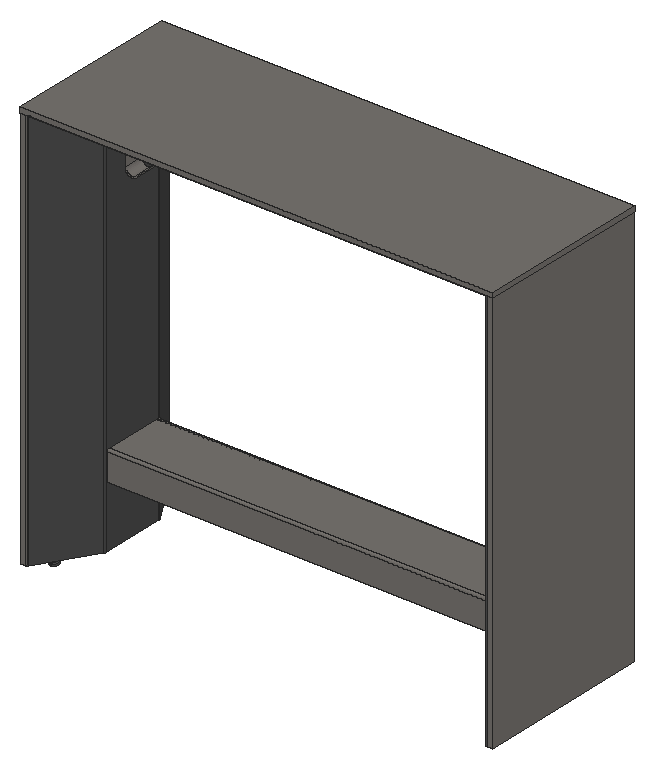
Revit family "revitupgrade", category Furniture, Revit 2020
Family settings
  Work Plane-Based = No
  Always vertical = Yes
  Cut with Voids When Loaded = No
  Shared = No
  Room Calculation Point = No
Parameters (values of type "48W")
  Width = 48.00"
  URL = "https://www.steelcase.com"
  Top [instance] = Steelcase - 25L6 Blackwood LPL
  Symbol Name = "TS4TPSTS48A,TS4TPSTS48A2,TS4TPSTS48A3"
  Style Number(s) = "TS4TPSTS48"
  Release Date = "April 2018"  # constant formula
  Receptacle = Steelcase - 6249 Platinum Solid
  Product Line = "Turnstone"  # constant formula
  Product = "Campfire"  # constant formula
  Power Cord = Steelcase - 6205 Black
  Opaque [instance] = yes
  Manufacturer = "Steelcase"  # constant formula
  Frame [instance] = Steelcase - 25L6 Blackwood LPL
  Description = ""
  Default Elevation = 0.00"
  Copyright = "© 2010 Steelcase Inc."  # constant formula
  AutoCAD Tag = "48"
  Authoring Version = "Revit 2016"  # constant formula
  Assembly Code = "E2020200"
Types (2): name | Width | Symbol Name | Style Number(s) | AutoCAD Tag
  60W | 60.00" | "TS4TPSTS60A5,TS4TPSTS60A6,TS4TPSTS60A4" | "TS4TPSTS60" | "60"
  48W | 48.00" | "TS4TPSTS48A,TS4TPSTS48A2,TS4TPSTS48A3" | "TS4TPSTS48" | "48"
Reference planes (in)
  plane 1 "Center Front/Back": y = 0
  plane 2 "Bottom": z = 0
  plane 3 "Center Left/Right": x = 0
  plane 4: x = 48
  plane 5: z = 0.3189
  plane 6: y = -0.0395
  plane 7: y = -17.96063
  plane 8: y = -17.99999
  plane 9: x = 0.07855
  plane 10: x = 47.92143
  plane 11: x = 47.40648
  plane 12: x = 0.59351
  plane 13: x = 0.77099
  plane 14: through (0, -14.08785, 38.93183) normal (0, -0.5323, -0.8465)
  plane 15: through (0, -0.97067, 40.78146) normal (0, -0.5323, 0.8465)
  plane 16: y = -9
  plane 17: x = 4.22243
  plane 18: x = 43.77769
  plane 19: x = 24
Forms (in)
  Extrusion 1, solid, material "Steelcase - 25L6 Blackwood LPL" <- "Top"
    sketch origin (0, 0, 0) x (1, 0, 0) y (0, 1, 0)
      loop
        line (0, -0.0395) -> (0, -17.99999) -> (48, -17.99999) -> (48, -0.0395) -> (0, -0.0395)
    from 41.46425 to 41.97725
  Extrusion 2, solid, material "Steelcase - 25L6 Blackwood LPL" <- "Frame"
    sketch origin (0, 0, 0) x (1, 0, 0) y (0, 0, 1)
      loop
        line (0.07855, 41.46425) -> (0.07855, 0.49497) -> (0.59351, 0.49497) -> (0.59351, 41.46425) -> (0.07855, 41.46425)
      loop
        line (47.40648, 41.46425) -> (47.40648, 0.49497) -> (47.92143, 0.49497) -> (47.92143, 41.46425) -> (47.40648, 41.46425)
    from 0.0395 to 17.96063
  Extrusion 3, solid, material "Steelcase - 6205 Black" <- "Power Cord"
    sketch origin (66, 0, 0) x (-1, 0, 0) y (0, -1, 0)
      loop
        line (18.59352, 17.82528) -> (18.59352, 0.17703)
        arc (18.59352, 0.17703) -> (18.67384, 0.06783) -> (18.80201, 0.11197) r 0.11439
        line (18.80201, 0.11197) -> (22.1626, 5.49014)
        arc (22.1626, 5.49014) -> (22.20708, 5.59007) -> (22.22231, 5.69838) r 0.39298
        line (22.22231, 5.69838) -> (22.22231, 12.29793)
        arc (22.22231, 12.29793) -> (22.20659, 12.40978) -> (22.16065, 12.51296) r 0.40578
        line (22.16065, 12.51296) -> (18.79981, 17.89153)
        arc (18.79981, 17.89153) -> (18.67251, 17.93361) -> (18.59352, 17.82528) r 0.11378
    from 0.49497 to 41.46425
  Extrusion 4, solid, material "Steelcase - 6205 Black" <- "Power Cord"
    sketch origin (0, 0, 0) x (0, 1, 0) y (0, 0, 1)
      loop
        line (-5.46283, 37.95673) -> (-0.24075, 41.24044)
        arc (-0.24075, 41.24044) -> (-0.18881, 41.37662) -> (-0.30527, 41.46425) r 0.1212
        line (-0.30527, 41.46425) -> (-17.6872, 41.46425)
        arc (-17.6872, 41.46425) -> (-17.80574, 41.37505) -> (-17.75287, 41.23644) r 0.12337
        line (-17.75287, 41.23644) -> (-12.53716, 37.95673)
        arc (-12.53716, 37.95673) -> (-12.4095, 37.89956) -> (-12.271, 37.88) r 0.5
        line (-12.271, 37.88) -> (-5.72899, 37.88)
        arc (-5.72899, 37.88) -> (-5.59049, 37.89956) -> (-5.46283, 37.95673) r 0.5
    from 0.59351 to 47.40648
  Extrusion 5, solid, material "Steelcase - 25L6 Blackwood LPL" <- "Frame"
    sketch origin (0, 0, 0) x (0, 1, 0) y (0, 0, 1)
      loop
        arc (-5.93237, 9.74631) -> (-5.83589, 9.70634) -> (-5.79592, 9.60986) r 0.13645
        line (-5.79592, 9.60986) -> (-5.79592, 6.84929) -> (-5.69293, 6.84929) -> (-5.69293, 9.61591)
        arc (-5.69293, 9.61591) -> (-5.76128, 9.78094) -> (-5.92631, 9.84929) r 0.23339
        line (-5.92631, 9.84929) -> (-12.07776, 9.84929)
        arc (-12.07776, 9.84929) -> (-12.23993, 9.78212) -> (-12.30711, 9.61995) r 0.22935
        line (-12.30711, 9.61995) -> (-12.30711, 6.85081) -> (-12.20411, 6.85081) -> (-12.20411, 9.61509)
        arc (-12.20411, 9.61509) -> (-12.16568, 9.70788) -> (-12.07289, 9.74631) r 0.13122
        line (-12.07289, 9.74631) -> (-5.93237, 9.74631)
    from 4.22243 to 43.77769
  Extrusion 6, solid, material "Steelcase - 6205 Black" <- "Power Cord"
    sketch origin (-6, 0, 0) x (1, 0, 0) y (0, 1, 0)
      loop
        arc (6.59351, -17.82528) -> (6.67255, -17.93363) -> (6.79986, -17.89144) r 0.11378
        line (6.79986, -17.89144) -> (10.16077, -12.51277)
        arc (10.16077, -12.51277) -> (10.20671, -12.40959) -> (10.22243, -12.29774) r 0.40578
        line (10.22243, -12.29774) -> (10.22243, -5.69857)
        arc (10.22243, -5.69857) -> (10.2072, -5.59026) -> (10.16271, -5.49033) r 0.39298
        line (10.16271, -5.49033) -> (6.80208, -0.11209)
        arc (6.80208, -0.11209) -> (6.6739, -0.06781) -> (6.59351, -0.17703) r 0.11439
        line (6.59351, -0.17703) -> (6.59351, -17.82528)
    from 0.49497 to 41.46425
  Extrusion 7, solid, material "Steelcase - 25L6 Blackwood LPL" <- "Frame"
    sketch origin (0, 0, 0) x (1, 0, 0) y (0, 0, 1)
      loop
        line (4.2975, 36.63669) -> (4.22243, 36.63669) -> (4.22243, 34.55698)
        arc (4.22243, 34.55698) -> (4.69147, 33.86159) -> (5.51193, 34.03598) r 0.75
        line (5.51193, 34.03598) -> (6.62404, 35.1876) -> (6.57224, 35.23939) -> (5.4602, 34.08784)
        arc (5.4602, 34.08784) -> (4.72042, 33.93059) -> (4.2975, 34.5576) r 0.67625
        line (4.2975, 34.5576) -> (4.2975, 36.63669)
    from 7.99996 to 9.99998
  Extrusion 8, solid, material "Steelcase - 25L6 Blackwood LPL" <- "Frame"
    sketch origin (48, 0, 0) x (-1, 0, 0) y (0, 0, -1)
      loop
        line (4.2975, -36.63669) -> (4.2975, -34.5576)
        arc (4.2975, -34.5576) -> (4.72042, -33.93059) -> (5.4602, -34.08784) r 0.67625
        line (5.4602, -34.08784) -> (6.57224, -35.23939) -> (6.62404, -35.1876) -> (5.51181, -34.03586)
        arc (5.51181, -34.03586) -> (4.69135, -33.86146) -> (4.22231, -34.55685) r 0.75
        line (4.22231, -34.55685) -> (4.22231, -36.63669) -> (4.2975, -36.63669)
    from 7.99996 to 9.99998
  Extrusion 9, void
    sketch origin (-0.15625, 0, 0) x (1, 0, 0) y (0, 1, 0)
      loop
        line (5.26271, -7.97571) -> (6.26611, -8.10659)
        arc (6.26611, -8.10659) -> (6.44211, -8.20789) -> (6.53029, -8.39082) r 0.34391
        line (6.53029, -8.39082) -> (6.53029, -9.60918)
        arc (6.53029, -9.60918) -> (6.43486, -9.79968) -> (6.24552, -9.89741) r 0.34391
        line (6.24552, -9.89741) -> (5.05829, -10.02138) -> (5.05829, -10.24996) -> (7.2102, -10.24996) -> (7.2102, -7.49996) -> (5.26271, -7.49996) -> (5.26271, -7.97571)
    from 20.31768 to 36.63669
  Extrusion 10, void
    sketch origin (48.15625, 0, 0) x (-1, 0, 0) y (0, -1, 0)
      loop
        line (5.26271, 7.97571) -> (5.26271, 7.49996) -> (7.2102, 7.49996) -> (7.2102, 10.24996) -> (5.05829, 10.24996) -> (5.05829, 10.02138) -> (6.24552, 9.89741)
        arc (6.24552, 9.89741) -> (6.43486, 9.79968) -> (6.53029, 9.60918) r 0.34391
        line (6.53029, 9.60918) -> (6.53029, 8.39082)
        arc (6.53029, 8.39082) -> (6.44211, 8.20789) -> (6.26611, 8.10659) r 0.34391
        line (6.26611, 8.10659) -> (5.26271, 7.97571)
    from 20.31768 to 36.63669
  Extrusion 11, solid, material "Steelcase - 6249 Platinum Solid" <- "Receptacle"
    sketch origin (0, -14.08785, 38.93183) x (0, -0.846544, 0.532319) y (-1, 0, 0)
      loop
        line (1.84584, -22.42039) -> (0.0962, -22.42039) -> (0.0962, -25.56436) -> (1.84584, -25.56436) -> (1.84584, -22.42039)
    from 0 to 0.06421
  Extrusion 12, solid, material "Steelcase - 6249 Platinum Solid" <- "Receptacle"
    sketch origin (0, -14.12203, 38.87747) x (0, -0.846544, 0.532319) y (-1, 0, 0)
      loop
        line (1.79268, -23.46387) -> (0.29268, -23.46387) -> (0.29268, -24.53613) -> (1.79268, -24.53613) -> (1.79268, -23.46387)
      loop
        line (1.59888, -23.68635) -> (0.80293, -23.68635) -> (0.80293, -23.81246) -> (1.59888, -23.81246) -> (1.59888, -23.68635)
      loop
        line (1.56539, -24.17851) -> (0.93407, -24.17851) -> (0.93407, -24.30135) -> (1.56539, -24.30135) -> (1.56539, -24.17851)
      loop
        line (1.00537, -23.88104) -> (0.6373, -23.88104) -> (0.6373, -24.12519) -> (1.00537, -24.12519) -> (1.00537, -23.88104)
    from 0 to 0.04
  Extrusion 13, solid, material "Steelcase - 6249 Platinum Solid" <- "Receptacle"
    sketch origin (0, -3.91214, 38.93183) x (0, 0.846544, 0.532319) y (1, 0, 0)
      loop
        line (1.84584, 22.42039) -> (1.84584, 25.56436) -> (0.0962, 25.56436) -> (0.0962, 22.42039) -> (1.84584, 22.42039)
    from 0 to 0.06421
  Extrusion 14, solid, material "Steelcase - 6249 Platinum Solid" <- "Receptacle"
    sketch origin (0, -3.87796, 38.87747) x (0, 0.846544, 0.532319) y (1, 0, 0)
      loop
        line (1.79268, 23.46387) -> (1.79268, 24.53613) -> (0.29268, 24.53613) -> (0.29268, 23.46387) -> (1.79268, 23.46387)
      loop
        line (1.59888, 23.68635) -> (1.59888, 23.81246) -> (0.80293, 23.81246) -> (0.80293, 23.68635) -> (1.59888, 23.68635)
      loop
        line (1.56539, 24.17851) -> (1.56539, 24.30135) -> (0.93407, 24.30135) -> (0.93407, 24.17851) -> (1.56539, 24.17851)
      loop
        line (1.00537, 23.88104) -> (1.00537, 24.12519) -> (0.6373, 24.12519) -> (0.6373, 23.88104) -> (1.00537, 23.88104)
    from 0 to 0.04
  Revolve 15, solid, material "Steelcase - 6205 Black"
    sketch origin (1.5598, -1.02049, 0) x (0, 1, 0) y (0, 0, 1)
      loop
        line (-1.38728, 1.44086) -> (-1.38728, 0) -> (-0.9493, 0) -> (-0.9493, 0.11883)
        arc (-0.9493, 0.11883) -> (-1.04963, 0.19109) -> (-1.088, 0.30864) r 0.19921
        line (-1.088, 0.30864) -> (-1.088, 0.44428) -> (-1.22845, 0.44428) -> (-1.22845, 1.40005) -> (-1.27149, 1.44086) -> (-1.38728, 1.44086)
      axis (-1.38728, 1.44086) -> (-1.38728, 0)
    angle from 0 to 360
  Revolve 16, solid, material "Steelcase - 6205 Black"
    sketch origin (1.5598, -16.9795, 0) x (0, -1, 0) y (0, 0, -1)
      loop
        line (-1.38728, -1.44086) -> (-1.27149, -1.44086) -> (-1.22845, -1.40005) -> (-1.22845, -0.44428) -> (-1.088, -0.44428) -> (-1.088, -0.30864)
        arc (-1.088, -0.30864) -> (-1.04963, -0.19109) -> (-0.9493, -0.11883) r 0.19921
        line (-0.9493, -0.11883) -> (-0.9493, 0) -> (-1.38728, 0) -> (-1.38728, -1.44086)
      axis (-1.38728, -1.44086) -> (-1.38728, 0)
    angle from 0 to 360
  Revolve 17, solid, material "Steelcase - 6205 Black"
    sketch origin (46.4402, -1.02049, 0) x (0, 1, 0) y (0, 0, -1)
      loop
        line (-1.38728, -1.44086) -> (-1.27149, -1.44086) -> (-1.22845, -1.40005) -> (-1.22845, -0.44428) -> (-1.088, -0.44428) -> (-1.088, -0.30864)
        arc (-1.088, -0.30864) -> (-1.04963, -0.19109) -> (-0.9493, -0.11883) r 0.19921
        line (-0.9493, -0.11883) -> (-0.9493, 0) -> (-1.38728, 0) -> (-1.38728, -1.44086)
      axis (-1.38728, -1.44086) -> (-1.38728, 0)
    angle from 0 to 360
  Revolve 18, solid, material "Steelcase - 6205 Black"
    sketch origin (46.4402, -16.9795, 0) x (0, -1, 0) y (0, 0, 1)
      loop
        line (-1.38728, 1.44086) -> (-1.38728, 0) -> (-0.9493, 0) -> (-0.9493, 0.11883)
        arc (-0.9493, 0.11883) -> (-1.04963, 0.19109) -> (-1.088, 0.30864) r 0.19921
        line (-1.088, 0.30864) -> (-1.088, 0.44428) -> (-1.22845, 0.44428) -> (-1.22845, 1.40005) -> (-1.27149, 1.44086) -> (-1.38728, 1.44086)
      axis (-1.38728, 1.44086) -> (-1.38728, 0)
    angle from 0 to 360
Cuts and joins
  Extrusion 9 cuts Extrusion 5
  Extrusion 9, Extrusion 10 cuts Extrusion 7
  Extrusion 10 cuts Extrusion 8
Lines and regions (in)
  Masking region 1, visible <- "Opaque"
    outline origin (0, 0, 0) x (1, 0, 0) y (0, 1, 0)
      loop
        line (48, 0) -> (0, 0) -> (0, -17.99999) -> (48, -17.99999) -> (48, 0)
  symbolic lines, style "Steelcase Furniture"
    curve 1: line (0, 0, 0) -> (48, 0, 0)
    curve 2: line (0, -17.99999, 0) -> (0, 0, 0)
    curve 3: line (48, -17.99999, 0) -> (0, -17.99999, 0)
    curve 4: line (48, 0, 0) -> (48, -17.99999, 0)
Dimensions and locks (in)
  locked: plane 5 to plane 2 "Bottom" at 0.3189
  plane 3 "Center Left/Right" to plane 9 to plane 12 to plane 13 to plane 17 = 0.07855" locked, 0.51496" locked, 0.17748" locked, 3.45144" locked
  plane 18 to plane 11 to plane 10 to plane 4 = 3.62879" locked, 0.51495" locked, 0.07857" locked
  equal spacing: plane 1 "Center Front/Back", plane 16, plane 8
  locked: plane 6 to plane 1 "Center Front/Back" at 0.0395
  locked: plane 8 to plane 7 at 0.03937
  "Width": plane 3 "Center Left/Right" to plane 4
  equal spacing: plane 3 "Center Left/Right", plane 19, plane 4
  locked: plane 18 to Extrusion 8 sketch curve at 0.07519
  locked: plane 16 to Extrusion 9 sketch curve at 1.50003
  locked: Extrusion 9 sketch curve to plane 16 at 1.24997
  plane 17 to Extrusion 9 sketch curve = 0.88403"
  Extrusion 11 sketch curve to plane 19 to Extrusion 11 sketch curve = 1.56436" locked, 1.57961" locked
  equal spacing: Extrusion 12 sketch curve, plane 19, Extrusion 12 sketch curve, locked at 0.53613 each
  Extrusion 12 sketch curve to Extrusion 12 sketch curve to plane 19 to Extrusion 12 sketch curve to Extrusion 12 sketch curve = 0.12284" locked, 0.17851" locked, 0.18754" locked, 0.12611" locked
  Extrusion 12 sketch curve to plane 19 to Extrusion 12 sketch curve = 0.12519" locked, 0.11896" locked
  Extrusion 13 sketch curve to Extrusion 13 sketch curve = 3.14397"
  Extrusion 14 sketch curve to Extrusion 14 sketch curve = 1.07225"
  Extrusion 14 sketch curve to Extrusion 14 sketch curve to Extrusion 14 sketch curve to Extrusion 14 sketch curve = 0.12611" locked, 0.36605", 0.12284" locked
  Extrusion 14 sketch curve to Extrusion 14 sketch curve = 0.24416"
  locked: Revolve 17 to plane 11 at 0.96628
  locked: Revolve 18 to plane 11 at 0.96628
  aligned and locked: level to plane 2 "Bottom"
  aligned and locked: Extrusion 1 to plane 6
  aligned and locked: plane 7 to Extrusion 2
  aligned and locked: plane 8 to Extrusion 1
  aligned and locked: Extrusion 2 to plane 7  (x2)
  aligned and locked: Extrusion 2 to plane 6
  aligned and locked: Extrusion 3 to plane 11
  aligned and locked: plane 11 to Extrusion 2
  aligned and locked: plane 12 to Extrusion 2
  aligned and locked: Extrusion 4 to plane 11
  aligned and locked: Extrusion 5 to plane 17
  aligned and locked: Extrusion 5 to plane 18
  aligned and locked: plane 18 to Extrusion 3 sketch curve
  aligned and locked: Extrusion 3 sketch curve to plane 11
  aligned and locked: plane 12 to Extrusion 6 sketch curve
  aligned and locked: Extrusion 6 sketch curve to plane 17
  aligned and locked: plane 18 to Extrusion 8 sketch curve
Automatic sketch dimensions
  curve 3 to plane 3 "Center Left/Right" = 0.00"
  curve 3 to plane 4 = 0.00"
  plane 8 to curve 3 = 0.00"
  plane 1 "Center Front/Back" to curve 2 = 0.00"
  Extrusion 1 sketch curve to plane 3 "Center Left/Right" = 0.00"
  Extrusion 1 sketch curve to plane 4 = 0.00"
  plane 8 to Extrusion 1 sketch curve = 0.00"
  plane 6 to Extrusion 1 sketch curve = 0.00"
  Extrusion 2 sketch curve to plane 9 = 0.00"
  Extrusion 2 sketch curve to plane 12 = 0.00"
  plane 11 to Extrusion 2 sketch curve = 0.00"
  plane 10 to Extrusion 2 sketch curve = 0.00"
  plane 5 to Extrusion 2 sketch curve = 0.17607"  (x2)
  Extrusion 2 sketch curve to Extrusion 2 sketch curve = 40.96928"  (x2)
  plane 1 "Center Front/Back" to Masking region 1 sketch curve = 0.00"
  Masking region 1 sketch curve to plane 3 "Center Left/Right" = 0.00"
  Masking region 1 sketch curve to plane 4 = 0.00"
  plane 8 to Masking region 1 sketch curve = 0.00"
  Extrusion 3 sketch curve to plane 11 = 0.11378"
  Extrusion 3 sketch curve to Extrusion 3 sketch curve = 0.11439"
  plane 7 to Extrusion 3 sketch curve = 0.0691"
  Extrusion 3 sketch curve to Extrusion 3 sketch curve = 0.09251"
  Extrusion 3 sketch curve to plane 6 = 0.07247"
  Extrusion 3 sketch curve to Extrusion 3 sketch curve = 0.09409"
  plane 18 to Extrusion 3 sketch curve = 0.40578"
  plane 18 to Extrusion 3 sketch curve = 0.39298"
  plane 18 to Extrusion 3 sketch curve = 0.06166"
  plane 18 to Extrusion 3 sketch curve = 0.05971"
  Extrusion 3 sketch curve to plane 16 = 3.51296"
  plane 16 to Extrusion 3 sketch curve = 3.30161"
  Extrusion 4 sketch curve to plane 14 = 0.00"
  plane 14 to Extrusion 4 sketch curve = 0.00"
  Extrusion 4 sketch curve to plane 15 = 0.00"
  plane 15 to Extrusion 4 sketch curve = 0.00"
  Extrusion 4 sketch curve to plane 7 = 0.20775"
  Extrusion 4 sketch curve to Extrusion 4 sketch curve = 0.06567"
  plane 16 to Extrusion 4 sketch curve = 3.53716"
  Extrusion 4 sketch curve to Extrusion 4 sketch curve = 0.26616"  (x2)
  Extrusion 4 sketch curve to plane 16 = 3.27101"
  plane 6 to Extrusion 4 sketch curve = 0.26577"
  Extrusion 4 sketch curve to Extrusion 4 sketch curve = 0.06452"
  Extrusion 4 sketch curve to Extrusion 4 sketch curve = 0.07673"
  Extrusion 4 sketch curve to Extrusion 4 sketch curve = 0.10444"
  plane 16 to Extrusion 5 sketch curve = 3.30711"
  Extrusion 5 sketch curve to Extrusion 5 sketch curve = 0.103"  (x2)
  Extrusion 5 sketch curve to Extrusion 5 sketch curve = 0.12635"
  Extrusion 5 sketch curve to Extrusion 5 sketch curve = 0.00487"
  Extrusion 5 sketch curve to plane 16 = 3.06762"
  Extrusion 5 sketch curve to Extrusion 5 sketch curve = 0.00606"
  Extrusion 5 sketch curve to Extrusion 5 sketch curve = 0.13039"
  plane 5 to Extrusion 5 sketch curve = 6.53039"
  Extrusion 5 sketch curve to Extrusion 5 sketch curve = 0.00151"
  Extrusion 5 sketch curve to Extrusion 5 sketch curve = 2.76056"
  Extrusion 5 sketch curve to Extrusion 5 sketch curve = 0.00605"
  Extrusion 6 sketch curve to plane 13 = 0.06369"
  Extrusion 6 sketch curve to plane 13 = 0.06308"
  plane 13 to Extrusion 6 sketch curve = 0.02887"
  plane 13 to Extrusion 6 sketch curve = 0.03109"
  Extrusion 6 sketch curve to plane 17 = 0.40578"
  Extrusion 6 sketch curve to Extrusion 6 sketch curve = 0.39298"
  Extrusion 6 sketch curve to plane 17 = 0.06166"
  Extrusion 6 sketch curve to plane 17 = 0.05971"
  Extrusion 6 sketch curve to plane 7 = 0.06918"
  plane 16 to Extrusion 6 sketch curve = 3.51277"
  Extrusion 6 sketch curve to plane 16 = 3.30142"
  plane 6 to Extrusion 6 sketch curve = 0.13753"
  Extrusion 7 sketch curve to plane 17 = 0.00"
  Extrusion 7 sketch curve to Extrusion 7 sketch curve = 0.07507"
  Extrusion 7 sketch curve to Extrusion 7 sketch curve = 0.67493"
  Extrusion 7 sketch curve to Extrusion 7 sketch curve = 0.00132"
  Extrusion 7 sketch curve to Extrusion 7 sketch curve = 0.48645"
  Extrusion 7 sketch curve to Extrusion 7 sketch curve = 0.05173"
  Extrusion 7 sketch curve to Extrusion 7 sketch curve = 1.11204"
  Extrusion 7 sketch curve to Extrusion 7 sketch curve = 0.05179"  (x2)
  plane 5 to Extrusion 7 sketch curve = 33.71708"
  Extrusion 7 sketch curve to Extrusion 7 sketch curve = 0.05186"
  Extrusion 7 sketch curve to Extrusion 7 sketch curve = 1.15162"
  Extrusion 7 sketch curve to Extrusion 7 sketch curve = 2.07971"
  Extrusion 8 sketch curve to Extrusion 8 sketch curve = 0.67481"
  Extrusion 8 sketch curve to Extrusion 8 sketch curve = 0.00144"
  Extrusion 8 sketch curve to Extrusion 8 sketch curve = 0.48645"
  Extrusion 8 sketch curve to Extrusion 8 sketch curve = 0.05161"
  Extrusion 8 sketch curve to Extrusion 8 sketch curve = 1.11204"
  Extrusion 8 sketch curve to Extrusion 8 sketch curve = 0.05179"  (x2)
  Extrusion 8 sketch curve to plane 5 = 33.71696"
  Extrusion 8 sketch curve to Extrusion 8 sketch curve = 0.05198"
  Extrusion 8 sketch curve to Extrusion 8 sketch curve = 1.15174"
  Extrusion 8 sketch curve to Extrusion 8 sketch curve = 2.07984"
  plane 17 to Extrusion 9 sketch curve = 0.67962"
  plane 16 to Extrusion 9 sketch curve = 0.55797"
  Extrusion 9 sketch curve to Extrusion 9 sketch curve = 1.13191"
  Extrusion 9 sketch curve to Extrusion 9 sketch curve = 0.9275"
  plane 16 to Extrusion 9 sketch curve = 0.89741"
  Extrusion 9 sketch curve to Extrusion 9 sketch curve = 0.05531"
  Extrusion 9 sketch curve to plane 16 = 0.89341"
  Extrusion 9 sketch curve to Extrusion 9 sketch curve = 0.0759"
  Extrusion 9 sketch curve to Extrusion 9 sketch curve = 0.34008"
  Extrusion 9 sketch curve to Extrusion 9 sketch curve = 0.67991"
  Extrusion 9 sketch curve to Extrusion 9 sketch curve = 0.22859"
  Extrusion 9 sketch curve to Extrusion 9 sketch curve = 0.33543"
  Extrusion 9 sketch curve to Extrusion 9 sketch curve = 0.47575"
  Extrusion 10 sketch curve to plane 18 = 0.67974"
  Extrusion 10 sketch curve to plane 18 = 0.88415"
  Extrusion 10 sketch curve to plane 16 = 0.55797"
  Extrusion 10 sketch curve to Extrusion 10 sketch curve = 1.13191"
  Extrusion 10 sketch curve to Extrusion 10 sketch curve = 0.9275"
  Extrusion 10 sketch curve to plane 16 = 0.89741"
  Extrusion 10 sketch curve to Extrusion 10 sketch curve = 0.05531"
  plane 16 to Extrusion 10 sketch curve = 0.89341"
  Extrusion 10 sketch curve to Extrusion 10 sketch curve = 0.0759"
  Extrusion 10 sketch curve to Extrusion 10 sketch curve = 0.34008"
  Extrusion 10 sketch curve to Extrusion 10 sketch curve = 0.67991"
  Extrusion 10 sketch curve to plane 16 = 1.02138"
  Extrusion 10 sketch curve to Extrusion 10 sketch curve = 0.22859"
  Extrusion 10 sketch curve to Extrusion 10 sketch curve = 0.33543"
  Extrusion 10 sketch curve to Extrusion 10 sketch curve = 0.13088"
  Extrusion 10 sketch curve to Extrusion 10 sketch curve = 0.47575"
  Extrusion 11 sketch curve to Extrusion 11 sketch curve = 1.74964"
  Extrusion 12 sketch curve to Extrusion 11 = 0.19648"
  Extrusion 12 sketch curve to Extrusion 12 sketch curve = 0.34461"
  Extrusion 12 sketch curve to Extrusion 12 sketch curve = 0.16563"
  Extrusion 12 sketch curve to Extrusion 12 sketch curve = 0.29678"
  Extrusion 12 sketch curve to Extrusion 12 sketch curve = 0.20244"
  Extrusion 12 sketch curve to Extrusion 11 = 0.28045"
  Extrusion 12 sketch curve to Extrusion 11 = 0.24696"
  Extrusion 12 sketch curve to Extrusion 11 = 0.05316"
  Extrusion 12 sketch curve to Extrusion 12 sketch curve = 0.41093"
  plane 19 to Extrusion 13 sketch curve = 1.57961"
  Extrusion 13 sketch curve to Extrusion 13 sketch curve = 1.74964"
  Extrusion 14 sketch curve to Extrusion 13 = 0.19648"
  Extrusion 14 sketch curve to Extrusion 14 sketch curve = 0.34461"
  Extrusion 14 sketch curve to Extrusion 14 sketch curve = 0.16563"
  Extrusion 14 sketch curve to Extrusion 14 sketch curve = 0.29678"
  Extrusion 14 sketch curve to Extrusion 14 sketch curve = 0.20244"
  Extrusion 14 sketch curve to Extrusion 13 = 0.28045"
  Extrusion 14 sketch curve to Extrusion 13 = 0.24696"
  Extrusion 14 sketch curve to Extrusion 13 = 0.05316"
  Extrusion 14 sketch curve to Extrusion 13 = 1.04348"
  Extrusion 14 sketch curve to Extrusion 14 sketch curve = 0.22248"
  Extrusion 14 sketch curve to Extrusion 14 sketch curve = 0.06858"
  Extrusion 14 sketch curve to Extrusion 14 sketch curve = 0.41093"
  level to Revolve 15 sketch curve = 0.00"
  plane 5 to Revolve 15 sketch curve = 1.12196"
  plane 6 to Revolve 15 sketch curve = 2.36826"
  Revolve 15 sketch curve to Revolve 15 sketch curve = 0.11579"
  plane 5 to Revolve 15 sketch curve = 1.08115"
  Revolve 15 sketch curve to Revolve 15 sketch curve = 0.04304"
  Revolve 15 sketch curve to Revolve 15 sketch curve = 0.14045"
  Revolve 15 sketch curve to Revolve 15 sketch curve = 0.13871"
  Revolve 15 sketch curve to plane 5 = 0.01026"
  Revolve 15 sketch curve to Revolve 15 sketch curve = 0.06051"
  plane 5 to Revolve 15 sketch curve = 0.12538"
  Revolve 15 sketch curve to Revolve 15 sketch curve = 0.00"  (x2)
  Revolve 15 sketch curve to Revolve 15 sketch curve = 0.14577"
  level to Revolve 16 sketch curve = 0.00"
  plane 5 to Revolve 16 sketch curve = 1.12196"
  Revolve 16 sketch curve to plane 7 = 2.3684"
  Revolve 16 sketch curve to Revolve 16 sketch curve = 0.11579"
  plane 5 to Revolve 16 sketch curve = 1.08115"
  Revolve 16 sketch curve to Revolve 16 sketch curve = 0.04304"
  Revolve 16 sketch curve to Revolve 16 sketch curve = 0.14045"
  Revolve 16 sketch curve to Revolve 16 sketch curve = 0.13871"
  Revolve 16 sketch curve to plane 5 = 0.01026"
  Revolve 16 sketch curve to Revolve 16 sketch curve = 0.19921"
  plane 5 to Revolve 16 sketch curve = 0.12538"
  Revolve 16 sketch curve to Revolve 16 sketch curve = 0.00"  (x2)
  Revolve 16 sketch curve to Revolve 16 sketch curve = 0.14577"
  Revolve 17 sketch curve to level = 0.00"
  plane 5 to Revolve 17 sketch curve = 1.12196"
  plane 6 to Revolve 17 sketch curve = 2.36826"
  Revolve 17 sketch curve to Revolve 17 sketch curve = 0.11579"
  plane 5 to Revolve 17 sketch curve = 1.08115"
  Revolve 17 sketch curve to Revolve 17 sketch curve = 0.04304"
  Revolve 17 sketch curve to Revolve 17 sketch curve = 0.14045"
  Revolve 17 sketch curve to Revolve 17 sketch curve = 0.13871"
  Revolve 17 sketch curve to plane 5 = 0.01026"
  Revolve 17 sketch curve to Revolve 17 sketch curve = 0.19921"
  plane 5 to Revolve 17 sketch curve = 0.12538"
  Revolve 17 sketch curve to Revolve 17 sketch curve = 0.00"  (x2)
  Revolve 17 sketch curve to Revolve 17 sketch curve = 0.14577"
  Revolve 18 sketch curve to level = 0.00"
  plane 5 to Revolve 18 sketch curve = 1.12196"
  Revolve 18 sketch curve to plane 7 = 2.3684"
  Revolve 18 sketch curve to Revolve 18 sketch curve = 0.11579"
  plane 5 to Revolve 18 sketch curve = 1.08115"
  Revolve 18 sketch curve to Revolve 18 sketch curve = 0.04304"
  Revolve 18 sketch curve to Revolve 18 sketch curve = 0.14045"
  Revolve 18 sketch curve to Revolve 18 sketch curve = 0.13871"
  Revolve 18 sketch curve to plane 5 = 0.01026"
  Revolve 18 sketch curve to Revolve 18 sketch curve = 0.19921"
  plane 5 to Revolve 18 sketch curve = 0.12538"
  Revolve 18 sketch curve to Revolve 18 sketch curve = 0.00"  (x2)
  Revolve 18 sketch curve to Revolve 18 sketch curve = 0.14577"
